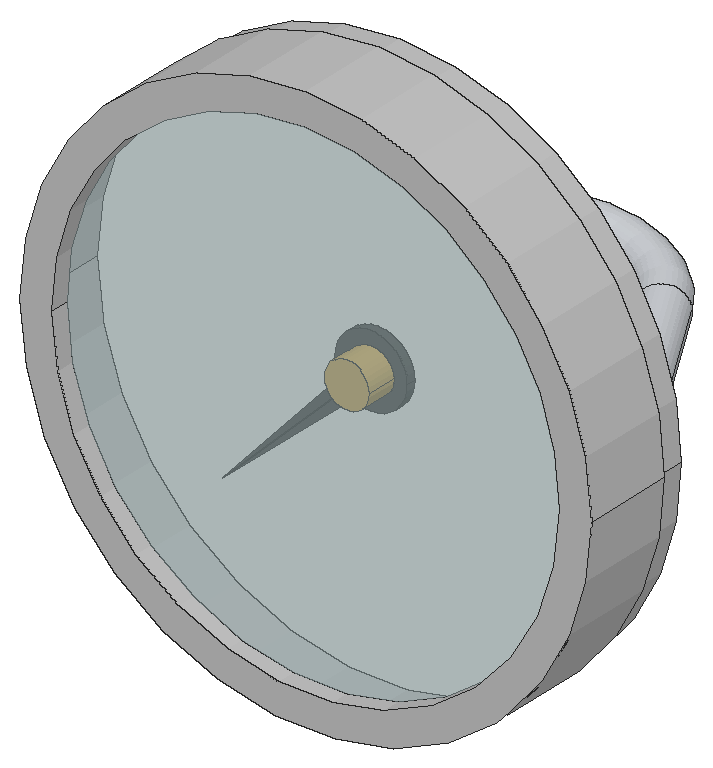
Revit family "РОСМА_ТермометрБиметаллическийСпец(Пружина)", category Арматура трубопроводов, Revit 2018
Family settings
  Размер круглого соединителя = Использовать диаметр
  Тип детали = Клапан - Вставляется
  На основе рабочей плоскости = Нет
  Всегда вертикально = Да
  При загрузке вырезать с полостями = Нет
  Общий = Нет
Parameters (values of type "30.010")
  лого_задн_стенка = no
  Техническая документация = "ТУ 4211-001-4719015564-2008"  # constant formula
  Температура04 = ‎ : 0...+150°С
  Температура03 = ‎ : 0...+120°С
  Температура02 = ‎ : 0...+100°С
  Температура01 = ‎ : 0...+60°С
  Счетчик списка [instance] = if(Диапазон температур = Температура01, 1, if(Диапазон температур = Температура02, 2, if(Диапазон температур = Температура03, 3, if(Диапазон температур = Температура04, 4, 5))))  # 4
  Присоединение = "Стальная спиральная пружина для крепления на трубе диаметром от 20 до 50 мм"
  Климатическое исполнение = "Группа С2 по ГОСТ Р 52931; климатическое исполнение УХЛ категории 2.1 по ГОСТ 15150"  # constant formula
  Диапазон температур [instance] = ‎ : 0...+150°С
  Диапазон раб. температур = "от 0°С до +60°С"  # constant formula
  Осевое присоединение = yes
  Description = "Тип БТ, серия 010. Термометр биметаллический накладной (термометр с пружиной) предназначен для измерения температуры поверхности трубы. "  # constant formula
  Код IP = "IP43"  # constant formula
  Класс точности = "2,5"  # constant formula
  Изготовитель = "ЗАО \"РОСМА\""
  Table2 = "спец_общетехнический специальный с пружиной"  # constant formula
  Table1 = "размеры_общетехнический специальный с пружиной"  # constant formula
  Dполости_переднСт = D2 - 6 mm  # 56 mm
  Длина стрелки = D2 / 2 - 10 mm  # 21 mm
  Группа модели = "Оборудование"
  e = 10 mm
  b-e = b - e  # 3 mm
  b = 13 mm
  URL = "https://rosma.spb.ru/termometers/seriya_010_obschetehnicheskie_spetsialnye_s_pruzhinoj/"
  R_Logo = 10 mm
  R2 шкала = 17 mm
  R1 шкала = 18 mm
  Dtr/2 [instance] = Dtr / 2  # 12.5 mm
  Dtr [instance] = size_lookup(Table1, "Dtr", 25 mm, DN)  # 25 mm
  DN [instance] = 50 mm
  D2 = 62 mm
  D1 = 63 mm
  D = 63 mm
  Copyright = "EPICON"  # constant formula
  Author (e-mail) = "project@epicon.biz"  # constant formula
  ADSK_Примечание [instance] = ""
  ADSK_Позиция [instance] = ""
  ADSK_Наименование [instance] = size_lookup(Table2, "ADSK_Наименование", "Нет в наличии", Счетчик списка)  # "Термометр БТ-30.010"
  ADSK_Масса_Текст [instance] = size_lookup(Table2, "ADSK_Масса_Текст", "Нет в наличии", Счетчик списка)  # "0,1"
  ADSK_Марка [instance] = size_lookup(Table2, "ADSK_Марка", "Нет в наличии", Счетчик списка)  # "БТ-30.010(0-150С) 2,5"
  ADSK_Количество = 1  # constant formula
  ADSK_Код изделия [instance] = " "
  ADSK_Завод-изготовитель [instance] = size_lookup(Table2, "ADSK_Завод-изготовитель", "Нет в наличии", Счетчик списка)  # "ЗАО \"РОСМА\""
  ADSK_Единица измерения = "шт."
Reference planes
  plane 1 "По центру (Вперед/Назад)": y = 0
  plane 2: z = 0
  plane 3 "По центру (Влево/Вправо)": x = 0
  plane 4: z = 59.422
  plane 5: y = -12.5
  plane 6: x = -22
  plane 7: x = 22
Forms (mm)
  Sweep 1, solid, detail levels fine
    path origin (-21.391, -1524, 0) x (-1, 0, 0) y (0, -1, 0)
      loop
        line (0.609, -1511.5) -> (-10.653, -1530.399)
        arc (-10.653, -1530.399) -> (-21.391, -1536.5) -> (-32.129, -1530.399) r 12.5
        line (-32.129, -1530.399) -> (-43.391, -1511.5)
    profile origin (-16.369, -3.051, 0) x (-0.859039, 0.511909, 0) y (0, 0, 1)
      loop
        circle (2.5, 0) r 2.5
Dimensions and locks
  "Dtr/2": plane 5 to plane 1 "По центру (Вперед/Назад)"
  equal spacing: plane 6, plane 3 "По центру (Влево/Вправо)", plane 7
  plane 3 "По центру (Влево/Вправо)" to plane 7 = 22 mm
  "Dtr/2": radius of Sweep 1 sketch curve
  aligned and locked: level to plane 2
  aligned and locked: nested 1 to plane 5
  aligned and locked: plane 2 to nested 1
  aligned and locked: plane 3 "По центру (Влево/Вправо)" to nested 1
  aligned and locked: plane 2 to nested 2
  aligned and locked: plane 3 "По центру (Влево/Вправо)" to nested 2
  aligned and locked: plane 5 to nested 2
Automatic sketch dimensions
  profile plane to Sweep 1 sketch curve = 0 mm
  Sweep 1 sketch curve to profile plane = 2.5 mm
  plane 5 to Sweep 1 sketch curve = 0 mm  (x2)
  Sweep 1 sketch curve to plane 7 = 0 mm
  plane 1 "По центру (Вперед/Назад)" to Sweep 1 sketch curve = 0 mm
  Sweep 1 sketch curve to plane 3 "По центру (Влево/Вправо)" = 0 mm
  Sweep 1 sketch curve to plane 6 = 0 mm
  radius of Sweep 1 sketch curve = 2.5 mm
Nested families
  nested 1: "Корпус термометра_БиметаллическСпец(Пружина)" at (0, -14, 0), visible <- "Осевое присоединение", D1 <- "D1", D2 <- "D2", R2_шкала <- "R2 шкала", R1_шкала <- "R1 шкала", Длина стрелки <- "Длина стрелки", Диаметр полости <- "D2", R_лого <- "R_Logo", e <- "e", b-е <- "b-e", лого_задн_стенка <- "лого_задн_стенка", Dполости_переднСт <- "Dполости_переднСт", type "ТМ", detail levels fine
    with лого_задн_стенка no, Угол раскрытия 0.00°, Длина стрелки 21 mm, Диаметр полости 62 mm, e 10 mm, b-е 3 mm, R_лого 10 mm, R2_шкала 17 mm, R1_шкала 18 mm, N2_шкала 0, N1_шкала 0, Dполости_переднСт 56 mm, D2 62 mm, D1 63 mm
  nested 2: "DAA_УГО_ТермометрПоказывающий_ГОСТ21.208-2013" at (0, -12.5, 0), type "DAA_УГО_ТермометрПоказывающий_ГОСТ21.208-2013", detail levels coarse+medium
Connectors
  piping at (0, 0, 0), diameter 50, driven by "DN"
    settings: index 1, connector inside diameter 609.6 mm, connector length 0 mm, flow factor 0, pipe flow 0.0 L/s, pressure drop 0 MPa, fitting loss kfactor 0, connector angle 0.00°, fixture units 0, engagement length 0 mm, angle of deflection 0.00°, flow configuration 0, flow direction 0, fitting loss method 0, system type 28, joint type 0, gender type 0, connector reference index -1, connector utility 0, adjustable connector no, is connector primary yes, connector description ""
Definition of nested family "Корпус термометра_БиметаллическСпец(Пружина)"
  Parameters (values of type "ТМ")
    лого_задн_стенка [instance] = yes
    блокировка = 16.236 mm
    блок = 0 mm
    Угол раскрытия [instance] = 0.00°
    Description = ""
    Материал корпуса [instance] = none
    Manufacturer = ""
    Длина стрелки [instance] = 30.558 mm
    Диаметр полости [instance] = 98 mm
    Model = "Оборудование"
    e [instance] = 13.8 mm
    b-е [instance] = 31.2 mm
    URL = ""
    R_лого [instance] = 21.217 mm
    N2_шкала [instance] = 0
    N1_шкала [instance] = 0
    Dполости_переднСт [instance] = 70 mm
    D2 [instance] = 98 mm
    D1 [instance] = 100 mm
    Copyright = "ЭПИКОН"  # constant formula
    Author (e-mail) = "https://epicon.biz"  # constant formula
    R2_шкала [instance] = 80 mm
    R1_шкала [instance] = 60 mm
  Reference planes
    plane 1 "По центру (Вперед/Назад)": y = 0
    plane 2: z = 0
    plane 3 "По центру (Влево/Вправо)": x = 0
    plane 4 "задняя стенка": y = 15.6
    plane 5 "f2": y = -29.4
    plane 6 "f1": y = -15.6
    plane 7 "стекло": y = -27.4
    plane 8 "Табло": y = -16.6
    plane 9 "sr": x = 11
    plane 10 "sl": x = -11
    plane 11 "sb": y = 11
    plane 12 "sf": y = -11
    plane 13: z = -49
    plane 14: through (-2.116, -1524, -0.789) normal (0.7071, 0, 0.7071)
    plane 15: through (0, -1524, 0) normal (0.7071, 0, -0.7071)
    plane 16: through (0, -1524, 0) normal (0.7071, 0, -0.7071)
    plane 17: through (-25.815, -1524, -20.305) normal (0.7071, 0, 0.7071)
    plane 18: y = 15.6
    plane 19 "толщина стрелки": y = -16.6
  Forms (mm)
    Extrusion 1, void
      sketch origin (-603.868, 0, -179.968) x (1, 0, 0) y (0, 0, 1)
        loop
          circle (603.868, 179.968) r 49
      from 15.6 to 27.4
    Extrusion 2, solid, detail levels fine
      sketch origin (-355.068, -27.4, -174.854) x (-1, 0, 0) y (0, 0, 1)
        loop
          circle (-355.068, 174.854) r 49
      from 0 to 2
    Extrusion 3, solid, material <- "Материал корпуса", detail levels fine
      sketch origin (-402.089, 0, -169.881) x (1, 0, 0) y (0, 0, 1)
        loop
          circle (402.089, 169.881) r 50
      from 15.6 to 29.4
    Extrusion 4, solid, material <- "Материал корпуса", detail levels fine
      sketch origin (-312.609, 0, -285.527) x (1, 0, 0) y (0, 0, 1)
        loop
          circle (312.609, 285.527) r 49
      from -15.6 to 15.6
    Extrusion 5, solid, detail levels fine
      sketch origin (-55.684, -16.6, 0) x (-1, 0, 0) y (0, 0, 1)
        loop
          circle (-55.678, -0.021) r 4
      from 0 to 1
    Extrusion 6, solid
      sketch origin (0, -16.6, 0) x (-1, 0, 0) y (0, 0, 1)
        loop
          line (23.06, -23.06) -> (2.291, -0.614) -> (1.452, -1.452) -> (23.06, -23.06)
      from 0 to 1
    Extrusion 7, solid
      sketch origin (0, -16.6, 0) x (0, 0, -1) y (-1, 0, 0)
        loop
          line (23.06, 23.06) -> (1.452, 1.452) -> (2.291, 0.614) -> (23.06, 23.06)
      from 0 to 1
    Extrusion 8, void
      sketch origin (0, -16.6, 0) x (-1, 0, 0) y (0, 0, 1)
        loop
          circle (0, 0) r 35
      from -12.8 to -10.8
    Extrusion 9, solid
      sketch origin (-55.684, -16.6, 0) x (1, 0, 0) y (0, 0, 1)
        loop
          circle (55.684, 0) r 2.482
      from -1 to 3.288
  Cuts and joins
    Extrusion 1, Extrusion 8 cuts Extrusion 3
  Lines and regions (mm)
    model lines, visible <- "лого_задн_стенка", not visible
      curve 1: line (97.62, 15.6, 6.514) -> (97.62, 15.6, 2.045)
      curve 2: line (97.62, 15.6, 2.045) -> (96.54, 15.6, 2.045)
      curve 3: line (96.54, 15.6, 2.045) -> (96.54, 15.6, 3.335)
      curve 4: line (96.54, 15.6, 3.335) -> (95.49, 15.6, 3.335)
      curve 5: line (95.712, 15.6, 6.514) -> (97.62, 15.6, 6.514)
      curve 6: arc (95.712, 15.6, 6.514) -> (94.35, 15.6, 5.012) -> (95.49, 15.6, 3.335) r 1.639
      curve 7: line (95.834, 15.6, 5.755) -> (96.697, 15.6, 5.755)
      curve 8: line (96.697, 15.6, 5.755) -> (96.697, 15.6, 4.198)
      curve 9: line (96.697, 15.6, 4.198) -> (95.834, 15.6, 4.198)
      curve 10: arc (95.834, 15.6, 5.755) -> (95.056, 15.6, 4.977) -> (95.834, 15.6, 4.198) r 0.779
      curve 11: circle (91.712, 15.6, 4.198) r 2.25 normal (0, -1, 0)
      curve 12: circle (91.712, 15.6, 4.198) r 1.301 normal (0, -1, 0)
      curve 13: arc (85.593, 15.6, 5.171) -> (87.99, 15.6, 4.265) -> (85.603, 15.6, 3.335) r 1.372
      curve 14: arc (84.964, 15.6, 2.754) -> (88.939, 15.6, 4.277) -> (84.964, 15.6, 5.801) r 2.28
      curve 15: line (84.964, 15.6, 5.801) -> (85.593, 15.6, 5.171)
      curve 16: line (85.603, 15.6, 3.335) -> (84.964, 15.6, 2.754)
      curve 17: line (84.167, 15.6, 2.029) -> (84.167, 15.6, 6.597)
      curve 18: line (84.167, 15.6, 6.597) -> (83.045, 15.6, 6.597)
      curve 19: line (83.045, 15.6, 6.597) -> (81.77, 15.6, 3.983)
      curve 20: line (81.77, 15.6, 3.983) -> (80.438, 15.6, 6.597)
      curve 21: line (80.438, 15.6, 6.597) -> (79.394, 15.6, 6.597)
      curve 22: line (79.394, 15.6, 6.597) -> (79.394, 15.6, 2.029)
      curve 23: line (79.394, 15.6, 2.029) -> (80.365, 15.6, 2.029)
      curve 24: line (80.365, 15.6, 2.029) -> (80.365, 15.6, 4.099)
      curve 25: line (80.365, 15.6, 4.099) -> (81.305, 15.6, 2.595)
      curve 26: line (81.305, 15.6, 2.595) -> (82.194, 15.6, 2.595)
      curve 27: line (82.194, 15.6, 2.595) -> (83.119, 15.6, 4.134)
      curve 28: line (83.119, 15.6, 4.134) -> (83.119, 15.6, 2.029)
      curve 29: line (83.119, 15.6, 2.029) -> (84.167, 15.6, 2.029)
      curve 30: line (78.906, 15.6, 2.029) -> (77.704, 15.6, 6.517)
      curve 31: line (77.704, 15.6, 6.517) -> (76.253, 15.6, 6.517)
      curve 32: line (76.253, 15.6, 6.517) -> (75.05, 15.6, 2.029)
      curve 33: line (75.05, 15.6, 2.029) -> (76.023, 15.6, 2.029)
      curve 34: line (76.023, 15.6, 2.029) -> (76.374, 15.6, 3.173)
      curve 35: line (76.374, 15.6, 3.173) -> (77.569, 15.6, 3.173)
      curve 36: line (77.569, 15.6, 3.173) -> (77.92, 15.6, 2.029)
      curve 37: line (77.92, 15.6, 2.029) -> (78.906, 15.6, 2.029)
      curve 38: line (77.47, 15.6, 4.202) -> (76.506, 15.6, 4.202)
      curve 39: line (76.506, 15.6, 4.202) -> (76.95, 15.6, 5.65)
      curve 40: line (76.95, 15.6, 5.65) -> (77.47, 15.6, 4.202)
      curve 41: arc (87.126, 15.6, 18.346) -> (89.931, 15.6, 13.899) -> (85.119, 15.6, 11.78) r 3.471
      curve 42: arc (87.164, 15.6, 20.585) -> (92.034, 15.6, 12.938) -> (83.388, 15.6, 10.21) r 5.715
      curve 43: line (83.388, 15.6, 10.21) -> (85.119, 15.6, 11.78)
      curve 44: line (87.126, 15.6, 18.346) -> (87.126, 15.6, 17.124)
      curve 45: line (87.126, 15.6, 17.124) -> (84.252, 15.6, 19.536)
      curve 46: line (84.252, 15.6, 19.536) -> (87.126, 15.6, 21.948)
      curve 47: line (87.126, 15.6, 21.948) -> (87.164, 15.6, 20.585)
      curve 48: arc (83.468, 15.6, 20.663) -> (79.577, 15.6, 17.734) -> (82.187, 15.6, 13.622) r 3.59
      curve 49: arc (82.763, 15.6, 18.317) -> (81.865, 15.6, 17.051) -> (82.819, 15.6, 15.827) r 1.3
      curve 50: line (83.468, 15.6, 20.663) -> (82.175, 15.6, 19.499)
      curve 51: line (82.175, 15.6, 19.499) -> (83.518, 15.6, 18.332)
      curve 52: line (83.518, 15.6, 18.332) -> (82.763, 15.6, 18.317)
      curve 53: line (82.819, 15.6, 15.827) -> (86.12, 15.6, 15.827)
      curve 54: line (86.12, 15.6, 15.827) -> (86.917, 15.6, 15.03)
      curve 55: line (86.917, 15.6, 15.03) -> (81.209, 15.6, 9.322)
      curve 56: line (81.209, 15.6, 9.322) -> (79.962, 15.6, 11.397)
      curve 57: line (79.962, 15.6, 11.397) -> (82.187, 15.6, 13.622)
    model lines, detail levels fine
      curve 58: line (60.033, -15.6, -60.174) -> (58.238, -15.6, -58.379)
      curve 59: line (-60.174, -15.6, -60.033) -> (-58.379, -15.6, -58.238)
      curve 60: line (63.15, -15.6, -56.894) -> (61.262, -15.6, -55.197)
      curve 61: line (66.088, -15.6, -53.453) -> (64.113, -15.6, -51.858)
      curve 62: line (68.885, -15.6, -49.797) -> (66.826, -15.6, -48.312)
      curve 63: line (71.452, -15.6, -46.038) -> (69.316, -15.6, -44.666)
      curve 64: line (73.813, -15.6, -42.148) -> (71.607, -15.6, -40.892)
      curve 65: line (75.963, -15.6, -38.137) -> (73.693, -15.6, -37)
      curve 66: line (77.896, -15.6, -34.016) -> (75.568, -15.6, -33.003)
      curve 67: line (79.605, -15.6, -29.798) -> (77.226, -15.6, -28.911)
      curve 68: line (81.086, -15.6, -25.494) -> (78.663, -15.6, -24.736)
      curve 69: line (82.334, -15.6, -21.118) -> (79.874, -15.6, -20.49)
      curve 70: line (83.346, -15.6, -16.681) -> (80.857, -15.6, -16.185)
      curve 71: line (84.12, -15.6, -12.196) -> (81.607, -15.6, -11.835)
      curve 72: line (84.652, -15.6, -7.676) -> (82.123, -15.6, -7.45)
      curve 73: line (84.941, -15.6, -3.134) -> (82.404, -15.6, -3.043)
      curve 74: line (84.987, -15.6, 1.417) -> (82.449, -15.6, 1.372)
      curve 75: line (84.79, -15.6, 5.964) -> (82.258, -15.6, 5.783)
      curve 76: line (84.349, -15.6, 10.494) -> (81.83, -15.6, 10.177)
      curve 77: line (83.666, -15.6, 14.993) -> (81.168, -15.6, 14.543)
      curve 78: line (82.744, -15.6, 19.45) -> (80.273, -15.6, 18.866)
      curve 79: line (81.584, -15.6, 23.851) -> (79.149, -15.6, 23.136)
      curve 80: line (80.191, -15.6, 28.183) -> (77.797, -15.6, 27.339)
      curve 81: line (78.567, -15.6, 32.435) -> (76.222, -15.6, 31.464)
      curve 82: line (76.718, -15.6, 36.594) -> (74.429, -15.6, 35.498)
      curve 83: line (74.65, -15.6, 40.648) -> (72.422, -15.6, 39.431)
      curve 84: line (72.367, -15.6, 44.585) -> (70.208, -15.6, 43.251)
      curve 85: line (69.877, -15.6, 48.395) -> (67.792, -15.6, 46.947)
      curve 86: line (67.187, -15.6, 52.065) -> (65.182, -15.6, 50.508)
      curve 87: line (64.304, -15.6, 55.587) -> (62.385, -15.6, 53.924)
      curve 88: line (61.236, -15.6, 58.949) -> (59.409, -15.6, 57.186)
      curve 89: line (57.993, -15.6, 62.142) -> (56.263, -15.6, 60.284)
      curve 90: line (54.584, -15.6, 65.157) -> (52.956, -15.6, 63.209)
      curve 91: line (51.018, -15.6, 67.985) -> (49.497, -15.6, 65.953)
      curve 92: line (47.306, -15.6, 70.618) -> (45.896, -15.6, 68.508)
      curve 93: line (43.459, -15.6, 73.049) -> (42.163, -15.6, 70.866)
      curve 94: line (39.486, -15.6, 75.271) -> (38.31, -15.6, 73.021)
      curve 95: line (35.401, -15.6, 77.276) -> (34.346, -15.6, 74.967)
      curve 96: line (31.214, -15.6, 79.06) -> (30.285, -15.6, 76.698)
      curve 97: line (26.938, -15.6, 80.618) -> (26.136, -15.6, 78.209)
      curve 98: line (22.584, -15.6, 81.944) -> (21.912, -15.6, 79.496)
      curve 99: line (18.166, -15.6, 83.035) -> (17.626, -15.6, 80.555)
      curve 100: line (13.695, -15.6, 83.888) -> (13.289, -15.6, 81.383)
      curve 101: line (9.186, -15.6, 84.501) -> (8.914, -15.6, 81.977)
      curve 102: line (4.65, -15.6, 84.872) -> (4.514, -15.6, 82.337)
      curve 103: line (0.1, -15.6, 84.999) -> (0.1, -15.6, 82.461)
      curve 104: line (-4.449, -15.6, 84.883) -> (-4.314, -15.6, 82.348)
      curve 105: line (-8.986, -15.6, 84.523) -> (-8.715, -15.6, 81.999)
      curve 106: line (-13.498, -15.6, 83.921) -> (-13.091, -15.6, 81.415)
      curve 107: line (-17.97, -15.6, 83.078) -> (-17.43, -15.6, 80.597)
      curve 108: line (-22.391, -15.6, 81.997) -> (-21.719, -15.6, 79.549)
      curve 109: line (-26.748, -15.6, 80.681) -> (-25.946, -15.6, 78.272)
      curve 110: line (-31.028, -15.6, 79.134) -> (-30.098, -15.6, 76.771)
      curve 111: line (-35.219, -15.6, 77.359) -> (-34.164, -15.6, 75.05)
      curve 112: line (-39.309, -15.6, 75.363) -> (-38.132, -15.6, 73.114)
      curve 113: line (-43.286, -15.6, 73.151) -> (-41.991, -15.6, 70.968)
      curve 114: line (-47.14, -15.6, 70.73) -> (-45.729, -15.6, 68.619)
      curve 115: line (-50.858, -15.6, 68.105) -> (-49.337, -15.6, 66.073)
      curve 116: line (-54.43, -15.6, 65.285) -> (-52.802, -15.6, 63.338)
      curve 117: line (-57.847, -15.6, 62.279) -> (-56.117, -15.6, 60.421)
      curve 118: line (-61.097, -15.6, 59.093) -> (-59.27, -15.6, 57.33)
      curve 119: line (-64.172, -15.6, 55.738) -> (-62.254, -15.6, 54.076)
      curve 120: line (-67.064, -15.6, 52.224) -> (-65.059, -15.6, 50.666)
      curve 121: line (-69.763, -15.6, 48.559) -> (-67.678, -15.6, 47.111)
      curve 122: line (-72.262, -15.6, 44.756) -> (-70.102, -15.6, 43.421)
      curve 123: line (-74.554, -15.6, 40.824) -> (-72.326, -15.6, 39.607)
      curve 124: line (-76.632, -15.6, 36.775) -> (-74.342, -15.6, 35.679)
      curve 125: line (-78.491, -15.6, 32.62) -> (-76.145, -15.6, 31.649)
      curve 126: line (-80.124, -15.6, 28.372) -> (-77.73, -15.6, 27.528)
      curve 127: line (-81.528, -15.6, 24.043) -> (-79.092, -15.6, 23.328)
      curve 128: line (-82.698, -15.6, 19.645) -> (-80.227, -15.6, 19.061)
      curve 129: line (-83.631, -15.6, 15.19) -> (-81.133, -15.6, 14.74)
      curve 130: line (-84.324, -15.6, 10.692) -> (-81.805, -15.6, 10.376)
      curve 131: line (-84.775, -15.6, 6.164) -> (-82.243, -15.6, 5.983)
      curve 132: line (-84.984, -15.6, 1.617) -> (-82.446, -15.6, 1.572)
      curve 133: line (-84.948, -15.6, -2.934) -> (-82.412, -15.6, -2.843)
      curve 134: line (-84.67, -15.6, -7.476) -> (-82.141, -15.6, -7.25)
      curve 135: line (-84.148, -15.6, -11.997) -> (-81.635, -15.6, -11.636)
      curve 136: line (-83.385, -15.6, -16.484) -> (-80.896, -15.6, -15.989)
      curve 137: line (-82.383, -15.6, -20.924) -> (-79.924, -15.6, -20.296)
      curve 138: line (-81.145, -15.6, -25.303) -> (-78.723, -15.6, -24.545)
      curve 139: line (-79.675, -15.6, -29.61) -> (-77.296, -15.6, -28.723)
      curve 140: line (-77.976, -15.6, -33.832) -> (-75.648, -15.6, -32.819)
      curve 141: line (-76.053, -15.6, -37.957) -> (-73.783, -15.6, -36.821)
      curve 142: line (-73.912, -15.6, -41.974) -> (-71.707, -15.6, -40.718)
      curve 143: line (-71.56, -15.6, -45.87) -> (-69.424, -15.6, -44.497)
      curve 144: line (-69.002, -15.6, -49.634) -> (-66.943, -15.6, -48.149)
      curve 145: line (-66.247, -15.6, -53.256) -> (-64.27, -15.6, -51.663)
      curve 146: line (-63.301, -15.6, -56.726) -> (-61.413, -15.6, -55.029)
      curve 147: line (43.52, -15.6, -43.52) -> (41.332, -15.6, -41.332)
      curve 148: line (-43.52, -15.6, -43.52) -> (-41.332, -15.6, -41.332)
      curve 149: line (60.365, -15.6, -12.007) -> (57.33, -15.6, -11.404)
      curve 150: line (56.862, -15.6, 23.553) -> (54.003, -15.6, 22.369)
      curve 151: line (34.194, -15.6, 51.175) -> (32.475, -15.6, 48.602)
      curve 152: line (0, -15.6, 61.547) -> (0, -15.6, 58.453)
      curve 153: line (-34.194, -15.6, 51.175) -> (-32.475, -15.6, 48.602)
      curve 154: line (-56.862, -15.6, 23.553) -> (-54.003, -15.6, 22.369)
      curve 155: line (-60.365, -15.6, -12.007) -> (-57.33, -15.6, -11.404)
    model lines, not visible, detail levels fine
      curve 156: line (248.297, -16.6, -114.05) -> (246.109, -16.6, -111.861)
      curve 157: line (264.809, -16.6, -130.703) -> (263.014, -16.6, -128.908)
      curve 217: line (60.033, -16.6, -60.174) -> (58.238, -16.6, -58.379)
      curve 218: line (-60.174, -16.6, -60.033) -> (-58.379, -16.6, -58.238)
      curve 219: line (63.15, -16.6, -56.894) -> (61.262, -16.6, -55.197)
      curve 220: line (66.088, -16.6, -53.453) -> (64.113, -16.6, -51.858)
      curve 221: line (68.885, -16.6, -49.797) -> (66.826, -16.6, -48.312)
      curve 222: line (71.452, -16.6, -46.038) -> (69.316, -16.6, -44.666)
      curve 223: line (73.813, -16.6, -42.148) -> (71.607, -16.6, -40.892)
      curve 224: line (75.963, -16.6, -38.137) -> (73.693, -16.6, -37)
      curve 225: line (77.896, -16.6, -34.016) -> (75.568, -16.6, -33.003)
      curve 226: line (79.605, -16.6, -29.798) -> (77.226, -16.6, -28.911)
      curve 227: line (81.086, -16.6, -25.494) -> (78.663, -16.6, -24.736)
      curve 228: line (82.334, -16.6, -21.118) -> (79.874, -16.6, -20.49)
      curve 229: line (83.346, -16.6, -16.681) -> (80.857, -16.6, -16.185)
      curve 230: line (84.12, -16.6, -12.196) -> (81.607, -16.6, -11.835)
      curve 231: line (84.652, -16.6, -7.676) -> (82.123, -16.6, -7.45)
      curve 232: line (84.941, -16.6, -3.134) -> (82.404, -16.6, -3.043)
      curve 233: line (84.987, -16.6, 1.417) -> (82.449, -16.6, 1.372)
      curve 234: line (84.79, -16.6, 5.964) -> (82.258, -16.6, 5.783)
      curve 235: line (84.349, -16.6, 10.494) -> (81.83, -16.6, 10.177)
      curve 236: line (83.666, -16.6, 14.993) -> (81.168, -16.6, 14.543)
      curve 237: line (82.744, -16.6, 19.45) -> (80.273, -16.6, 18.866)
      curve 238: line (81.584, -16.6, 23.851) -> (79.149, -16.6, 23.136)
      curve 239: line (80.191, -16.6, 28.183) -> (77.797, -16.6, 27.339)
      curve 240: line (78.567, -16.6, 32.435) -> (76.222, -16.6, 31.464)
      curve 241: line (76.718, -16.6, 36.594) -> (74.429, -16.6, 35.498)
      curve 242: line (74.65, -16.6, 40.648) -> (72.422, -16.6, 39.431)
      curve 243: line (72.367, -16.6, 44.585) -> (70.208, -16.6, 43.251)
      curve 244: line (69.877, -16.6, 48.395) -> (67.792, -16.6, 46.947)
      curve 245: line (67.187, -16.6, 52.065) -> (65.182, -16.6, 50.508)
      curve 246: line (64.304, -16.6, 55.587) -> (62.385, -16.6, 53.924)
      curve 247: line (61.236, -16.6, 58.949) -> (59.409, -16.6, 57.186)
      curve 248: line (57.993, -16.6, 62.142) -> (56.263, -16.6, 60.284)
      curve 249: line (54.584, -16.6, 65.157) -> (52.956, -16.6, 63.209)
      curve 250: line (51.018, -16.6, 67.985) -> (49.497, -16.6, 65.953)
      curve 251: line (47.306, -16.6, 70.618) -> (45.896, -16.6, 68.508)
      curve 252: line (43.459, -16.6, 73.049) -> (42.163, -16.6, 70.866)
      curve 253: line (39.486, -16.6, 75.271) -> (38.31, -16.6, 73.021)
      curve 254: line (35.401, -16.6, 77.276) -> (34.346, -16.6, 74.967)
      curve 255: line (31.214, -16.6, 79.06) -> (30.285, -16.6, 76.698)
      curve 256: line (26.938, -16.6, 80.618) -> (26.136, -16.6, 78.209)
      curve 257: line (22.584, -16.6, 81.944) -> (21.912, -16.6, 79.496)
      curve 258: line (18.166, -16.6, 83.035) -> (17.626, -16.6, 80.555)
      curve 259: line (13.695, -16.6, 83.888) -> (13.289, -16.6, 81.383)
      curve 260: line (9.186, -16.6, 84.501) -> (8.914, -16.6, 81.977)
      curve 261: line (4.65, -16.6, 84.872) -> (4.514, -16.6, 82.337)
      curve 262: line (0.1, -16.6, 84.999) -> (0.1, -16.6, 82.461)
      curve 263: line (-4.449, -16.6, 84.883) -> (-4.314, -16.6, 82.348)
      curve 264: line (-8.986, -16.6, 84.523) -> (-8.715, -16.6, 81.999)
      curve 265: line (-13.498, -16.6, 83.921) -> (-13.091, -16.6, 81.415)
      curve 266: line (-17.97, -16.6, 83.078) -> (-17.43, -16.6, 80.597)
      curve 267: line (-22.391, -16.6, 81.997) -> (-21.719, -16.6, 79.549)
      curve 268: line (-26.748, -16.6, 80.681) -> (-25.946, -16.6, 78.272)
      curve 269: line (-31.028, -16.6, 79.134) -> (-30.098, -16.6, 76.771)
      curve 270: line (-35.219, -16.6, 77.359) -> (-34.164, -16.6, 75.05)
      curve 271: line (-39.309, -16.6, 75.363) -> (-38.132, -16.6, 73.114)
      curve 272: line (-43.286, -16.6, 73.151) -> (-41.991, -16.6, 70.968)
      curve 273: line (-47.14, -16.6, 70.73) -> (-45.729, -16.6, 68.619)
      curve 274: line (-50.858, -16.6, 68.105) -> (-49.337, -16.6, 66.073)
      curve 275: line (-54.43, -16.6, 65.285) -> (-52.802, -16.6, 63.338)
      curve 276: line (-57.847, -16.6, 62.279) -> (-56.117, -16.6, 60.421)
      curve 277: line (-61.097, -16.6, 59.093) -> (-59.27, -16.6, 57.33)
      curve 278: line (-64.172, -16.6, 55.738) -> (-62.254, -16.6, 54.076)
      curve 279: line (-67.064, -16.6, 52.224) -> (-65.059, -16.6, 50.666)
      curve 280: line (-69.763, -16.6, 48.559) -> (-67.678, -16.6, 47.111)
      curve 281: line (-72.262, -16.6, 44.756) -> (-70.102, -16.6, 43.421)
      curve 282: line (-74.554, -16.6, 40.824) -> (-72.326, -16.6, 39.607)
      curve 283: line (-76.632, -16.6, 36.775) -> (-74.342, -16.6, 35.679)
      curve 284: line (-78.491, -16.6, 32.62) -> (-76.145, -16.6, 31.649)
      curve 285: line (-80.124, -16.6, 28.372) -> (-77.73, -16.6, 27.528)
      curve 286: line (-81.528, -16.6, 24.043) -> (-79.092, -16.6, 23.328)
      curve 287: line (-82.698, -16.6, 19.645) -> (-80.227, -16.6, 19.061)
      curve 288: line (-83.631, -16.6, 15.19) -> (-81.133, -16.6, 14.74)
      curve 289: line (-84.324, -16.6, 10.692) -> (-81.805, -16.6, 10.376)
      curve 290: line (-84.775, -16.6, 6.164) -> (-82.243, -16.6, 5.983)
      curve 291: line (-84.984, -16.6, 1.617) -> (-82.446, -16.6, 1.572)
      curve 292: line (-84.948, -16.6, -2.934) -> (-82.412, -16.6, -2.843)
      curve 293: line (-84.67, -16.6, -7.476) -> (-82.141, -16.6, -7.25)
      curve 294: line (-84.148, -16.6, -11.997) -> (-81.635, -16.6, -11.636)
      curve 295: line (-83.385, -16.6, -16.484) -> (-80.896, -16.6, -15.989)
      curve 296: line (-82.383, -16.6, -20.924) -> (-79.924, -16.6, -20.296)
      curve 297: line (-81.145, -16.6, -25.303) -> (-78.723, -16.6, -24.545)
      curve 298: line (-79.675, -16.6, -29.61) -> (-77.296, -16.6, -28.723)
      curve 299: line (-77.976, -16.6, -33.832) -> (-75.648, -16.6, -32.819)
      curve 300: line (-76.053, -16.6, -37.957) -> (-73.783, -16.6, -36.821)
      curve 301: line (-73.912, -16.6, -41.974) -> (-71.707, -16.6, -40.718)
      curve 302: line (-71.56, -16.6, -45.87) -> (-69.424, -16.6, -44.497)
      curve 303: line (-69.002, -16.6, -49.634) -> (-66.943, -16.6, -48.149)
      curve 304: line (-66.247, -16.6, -53.256) -> (-64.27, -16.6, -51.663)
      curve 305: line (-63.301, -16.6, -56.726) -> (-61.413, -16.6, -55.029)
      curve 306: line (43.52, -16.6, -43.52) -> (41.332, -16.6, -41.332)
      curve 307: line (-43.52, -16.6, -43.52) -> (-41.332, -16.6, -41.332)
      curve 308: line (60.365, -16.6, -12.007) -> (57.33, -16.6, -11.404)
      curve 309: line (56.862, -16.6, 23.553) -> (54.003, -16.6, 22.369)
      curve 310: line (34.194, -16.6, 51.175) -> (32.475, -16.6, 48.602)
      curve 311: line (0, -16.6, 61.547) -> (0, -16.6, 58.453)
      curve 312: line (-34.194, -16.6, 51.175) -> (-32.475, -16.6, 48.602)
      curve 313: line (-56.862, -16.6, 23.553) -> (-54.003, -16.6, 22.369)
      curve 314: line (-60.365, -16.6, -12.007) -> (-57.33, -16.6, -11.404)
    reference lines
      curve 158: line (-90.176, -16.6, 0) -> (118.621, -16.6, 0)
      curve 159: line (0, -16.6, 0) -> (-27.519, -16.6, -27.519)
      curve 315: line (-7.451, -15.6, 22) -> (6.301, -15.6, 22)
    model lines, visible <- "лого_задн_стенка"
      curve 160: line (10.608, 15.6, -16.198) -> (10.608, 15.6, -20.667)
      curve 161: line (10.608, 15.6, -20.667) -> (9.529, 15.6, -20.667)
      curve 162: line (9.529, 15.6, -20.667) -> (9.529, 15.6, -19.376)
      curve 163: line (9.529, 15.6, -19.376) -> (8.478, 15.6, -19.376)
      curve 164: line (8.7, 15.6, -16.198) -> (10.608, 15.6, -16.198)
      curve 165: arc (8.7, 15.6, -16.198) -> (7.338, 15.6, -17.7) -> (8.478, 15.6, -19.376) r 1.639
      curve 166: line (8.823, 15.6, -16.956) -> (9.685, 15.6, -16.956)
      curve 167: line (9.685, 15.6, -16.956) -> (9.685, 15.6, -18.514)
      curve 168: line (9.685, 15.6, -18.514) -> (8.823, 15.6, -18.514)
      curve 169: arc (8.823, 15.6, -16.956) -> (8.044, 15.6, -17.735) -> (8.823, 15.6, -18.514) r 0.779
      curve 170: circle (4.701, 15.6, -18.514) r 2.25 normal (0, -1, 0)
      curve 171: circle (4.701, 15.6, -18.514) r 1.301 normal (0, -1, 0)
      curve 172: arc (-1.418, 15.6, -17.541) -> (0.978, 15.6, -18.446) -> (-1.408, 15.6, -19.376) r 1.372
      curve 173: arc (-2.048, 15.6, -19.958) -> (1.928, 15.6, -18.434) -> (-2.048, 15.6, -16.911) r 2.28
      curve 174: line (-2.048, 15.6, -16.911) -> (-1.418, 15.6, -17.541)
      curve 175: line (-1.408, 15.6, -19.376) -> (-2.048, 15.6, -19.958)
      curve 176: line (-2.845, 15.6, -20.683) -> (-2.845, 15.6, -16.114)
      curve 177: line (-2.845, 15.6, -16.114) -> (-3.966, 15.6, -16.114)
      curve 178: line (-3.966, 15.6, -16.114) -> (-5.242, 15.6, -18.729)
      curve 179: line (-5.242, 15.6, -18.729) -> (-6.574, 15.6, -16.114)
      curve 180: line (-6.574, 15.6, -16.114) -> (-7.617, 15.6, -16.114)
      curve 181: line (-7.617, 15.6, -16.114) -> (-7.617, 15.6, -20.683)
      curve 182: line (-7.617, 15.6, -20.683) -> (-6.646, 15.6, -20.683)
      curve 183: line (-6.646, 15.6, -20.683) -> (-6.646, 15.6, -18.613)
      curve 184: line (-6.646, 15.6, -18.613) -> (-5.706, 15.6, -20.117)
      curve 185: line (-5.706, 15.6, -20.117) -> (-4.818, 15.6, -20.117)
      curve 186: line (-4.818, 15.6, -20.117) -> (-3.893, 15.6, -18.577)
      curve 187: line (-3.893, 15.6, -18.577) -> (-3.893, 15.6, -20.683)
      curve 188: line (-3.893, 15.6, -20.683) -> (-2.845, 15.6, -20.683)
      curve 189: line (-8.105, 15.6, -20.683) -> (-9.307, 15.6, -16.195)
      curve 190: line (-9.307, 15.6, -16.195) -> (-10.758, 15.6, -16.195)
      curve 191: line (-10.758, 15.6, -16.195) -> (-11.961, 15.6, -20.683)
      curve 192: line (-11.961, 15.6, -20.683) -> (-10.989, 15.6, -20.683)
      curve 193: line (-10.989, 15.6, -20.683) -> (-10.638, 15.6, -19.538)
      curve 194: line (-10.638, 15.6, -19.538) -> (-9.443, 15.6, -19.538)
      curve 195: line (-9.443, 15.6, -19.538) -> (-9.092, 15.6, -20.683)
      curve 196: line (-9.092, 15.6, -20.683) -> (-8.105, 15.6, -20.683)
      curve 197: line (-9.541, 15.6, -18.509) -> (-10.505, 15.6, -18.509)
      curve 198: line (-10.505, 15.6, -18.509) -> (-10.061, 15.6, -17.061)
      curve 199: line (-10.061, 15.6, -17.061) -> (-9.541, 15.6, -18.509)
      curve 200: arc (0.115, 15.6, -4.365) -> (2.92, 15.6, -8.813) -> (-1.893, 15.6, -10.931) r 3.471
      curve 201: arc (0.152, 15.6, -2.127) -> (5.022, 15.6, -9.774) -> (-3.624, 15.6, -12.502) r 5.715
      curve 202: line (-3.624, 15.6, -12.502) -> (-1.893, 15.6, -10.931)
      curve 203: line (0.115, 15.6, -4.365) -> (0.115, 15.6, -5.587)
      curve 204: line (0.115, 15.6, -5.587) -> (-2.76, 15.6, -3.175)
      curve 205: line (-2.76, 15.6, -3.175) -> (0.115, 15.6, -0.763)
      curve 206: line (0.115, 15.6, -0.763) -> (0.152, 15.6, -2.127)
      curve 207: arc (-3.543, 15.6, -2.048) -> (-7.434, 15.6, -4.977) -> (-4.825, 15.6, -9.089) r 3.59
      curve 208: arc (-4.249, 15.6, -4.394) -> (-5.147, 15.6, -5.66) -> (-4.193, 15.6, -6.884) r 1.3
      curve 209: line (-3.543, 15.6, -2.048) -> (-4.836, 15.6, -3.212)
      curve 210: line (-4.836, 15.6, -3.212) -> (-3.493, 15.6, -4.38)
      curve 211: line (-3.493, 15.6, -4.38) -> (-4.249, 15.6, -4.394)
      curve 212: line (-4.193, 15.6, -6.884) -> (-0.891, 15.6, -6.884)
      curve 213: line (-0.891, 15.6, -6.884) -> (-0.094, 15.6, -7.681)
      curve 214: line (-0.094, 15.6, -7.681) -> (-5.803, 15.6, -13.39)
      curve 215: line (-5.803, 15.6, -13.39) -> (-7.05, 15.6, -11.314)
      curve 216: line (-7.05, 15.6, -11.314) -> (-4.825, 15.6, -9.089)
    reference lines, not visible
      curve 316: line (-7.451, -16.6, 22) -> (6.301, -16.6, 22)
    model lines
      curve 317: line (-10.493, -15.6, -30.53) -> (-10.493, -15.6, -34.999)
      curve 318: line (-10.493, -15.6, -34.999) -> (-9.414, -15.6, -34.999)
      curve 319: line (-9.414, -15.6, -34.999) -> (-9.414, -15.6, -33.709)
      curve 320: line (-9.414, -15.6, -33.709) -> (-8.364, -15.6, -33.709)
      curve 321: line (-8.586, -15.6, -30.53) -> (-10.493, -15.6, -30.53)
      curve 322: arc (-8.586, -15.6, -30.53) -> (-7.224, -15.6, -32.032) -> (-8.364, -15.6, -33.709) r 1.639
      curve 323: line (-8.708, -15.6, -31.289) -> (-9.571, -15.6, -31.289)
      curve 324: line (-9.571, -15.6, -31.289) -> (-9.571, -15.6, -32.846)
      curve 325: line (-9.571, -15.6, -32.846) -> (-8.708, -15.6, -32.846)
      curve 326: arc (-8.708, -15.6, -31.289) -> (-7.929, -15.6, -32.067) -> (-8.708, -15.6, -32.846) r 0.779
      curve 327: circle (-4.586, -15.6, -32.846) r 2.25 normal (0, 1, 0)
      curve 328: circle (-4.586, -15.6, -32.846) r 1.301 normal (0, 1, 0)
      curve 329: arc (1.533, -15.6, -31.873) -> (-0.864, -15.6, -32.779) -> (1.523, -15.6, -33.709) r 1.372
      curve 330: arc (2.162, -15.6, -34.29) -> (-1.813, -15.6, -32.767) -> (2.162, -15.6, -31.243) r 2.28
      curve 331: line (2.162, -15.6, -31.243) -> (1.533, -15.6, -31.873)
      curve 332: line (1.523, -15.6, -33.709) -> (2.162, -15.6, -34.29)
      curve 333: line (2.959, -15.6, -35.015) -> (2.959, -15.6, -30.447)
      curve 334: line (2.959, -15.6, -30.447) -> (4.081, -15.6, -30.447)
      curve 335: line (4.081, -15.6, -30.447) -> (5.356, -15.6, -33.061)
      curve 336: line (5.356, -15.6, -33.061) -> (6.688, -15.6, -30.447)
      curve 337: line (6.688, -15.6, -30.447) -> (7.732, -15.6, -30.447)
      curve 338: line (7.732, -15.6, -30.447) -> (7.732, -15.6, -35.015)
      curve 339: line (7.732, -15.6, -35.015) -> (6.761, -15.6, -35.015)
      curve 340: line (6.761, -15.6, -35.015) -> (6.761, -15.6, -32.945)
      curve 341: line (6.761, -15.6, -32.945) -> (5.821, -15.6, -34.449)
      curve 342: line (5.821, -15.6, -34.449) -> (4.932, -15.6, -34.449)
      curve 343: line (4.932, -15.6, -34.449) -> (4.007, -15.6, -32.91)
      curve 344: line (4.007, -15.6, -32.91) -> (4.007, -15.6, -35.015)
      curve 345: line (4.007, -15.6, -35.015) -> (2.959, -15.6, -35.015)
      curve 346: line (8.22, -15.6, -35.015) -> (9.422, -15.6, -30.527)
      curve 347: line (9.422, -15.6, -30.527) -> (10.873, -15.6, -30.527)
      curve 348: line (10.873, -15.6, -30.527) -> (12.076, -15.6, -35.015)
      curve 349: line (12.076, -15.6, -35.015) -> (11.103, -15.6, -35.015)
      curve 350: line (11.103, -15.6, -35.015) -> (10.752, -15.6, -33.871)
      curve 351: line (10.752, -15.6, -33.871) -> (9.557, -15.6, -33.871)
      curve 352: line (9.557, -15.6, -33.871) -> (9.206, -15.6, -35.015)
      curve 353: line (9.206, -15.6, -35.015) -> (8.22, -15.6, -35.015)
      curve 354: line (9.656, -15.6, -32.842) -> (10.62, -15.6, -32.842)
      curve 355: line (10.62, -15.6, -32.842) -> (10.176, -15.6, -31.394)
      curve 356: line (10.176, -15.6, -31.394) -> (9.656, -15.6, -32.842)
      curve 357: arc (0, -15.6, -18.698) -> (-2.805, -15.6, -23.145) -> (2.007, -15.6, -25.264) r 3.471
      curve 358: arc (-0.038, -15.6, -16.459) -> (-4.908, -15.6, -24.106) -> (3.738, -15.6, -26.834) r 5.715
      curve 359: line (3.738, -15.6, -26.834) -> (2.007, -15.6, -25.264)
      curve 360: line (0, -15.6, -18.698) -> (0, -15.6, -19.92)
      curve 361: line (0, -15.6, -19.92) -> (2.874, -15.6, -17.508)
      curve 362: line (2.874, -15.6, -17.508) -> (0, -15.6, -15.096)
      curve 363: line (0, -15.6, -15.096) -> (-0.038, -15.6, -16.459)
      curve 364: arc (3.658, -15.6, -16.381) -> (7.549, -15.6, -19.31) -> (4.939, -15.6, -23.422) r 3.59
      curve 365: arc (4.363, -15.6, -18.727) -> (5.261, -15.6, -19.993) -> (4.307, -15.6, -21.217) r 1.3
      curve 366: line (3.658, -15.6, -16.381) -> (4.951, -15.6, -17.545)
      curve 367: line (4.951, -15.6, -17.545) -> (3.608, -15.6, -18.713)
      curve 368: line (3.608, -15.6, -18.713) -> (4.363, -15.6, -18.727)
      curve 369: line (4.307, -15.6, -21.217) -> (1.006, -15.6, -21.217)
      curve 370: line (1.006, -15.6, -21.217) -> (0.209, -15.6, -22.014)
      curve 371: line (0.209, -15.6, -22.014) -> (5.917, -15.6, -27.722)
      curve 372: line (5.917, -15.6, -27.722) -> (7.164, -15.6, -25.647)
      curve 373: line (7.164, -15.6, -25.647) -> (4.939, -15.6, -23.422)
    model lines, not visible
      curve 374: line (-115.377, -15.6, -29.501) -> (-115.377, -15.6, -33.97)
      curve 375: line (-115.377, -15.6, -33.97) -> (-114.298, -15.6, -33.97)
      curve 376: line (-114.298, -15.6, -33.97) -> (-114.298, -15.6, -32.68)
      curve 377: line (-114.298, -15.6, -32.68) -> (-113.247, -15.6, -32.68)
      curve 378: line (-113.469, -15.6, -29.501) -> (-115.377, -15.6, -29.501)
      curve 379: arc (-113.469, -15.6, -29.501) -> (-112.107, -15.6, -31.003) -> (-113.247, -15.6, -32.68) r 1.639
      curve 380: line (-113.592, -15.6, -30.26) -> (-114.454, -15.6, -30.26)
      curve 381: line (-114.454, -15.6, -30.26) -> (-114.454, -15.6, -31.817)
      curve 382: line (-114.454, -15.6, -31.817) -> (-113.592, -15.6, -31.817)
      curve 383: arc (-113.592, -15.6, -30.26) -> (-112.813, -15.6, -31.038) -> (-113.592, -15.6, -31.817) r 0.779
      curve 384: circle (-109.469, -15.6, -31.817) r 2.25 normal (0, 1, 0)
      curve 385: circle (-109.469, -15.6, -31.817) r 1.301 normal (0, 1, 0)
      curve 386: arc (-103.351, -15.6, -30.844) -> (-105.747, -15.6, -31.75) -> (-103.36, -15.6, -32.68) r 1.372
      curve 387: arc (-102.721, -15.6, -33.261) -> (-106.697, -15.6, -31.738) -> (-102.721, -15.6, -30.214) r 2.28
      curve 388: line (-102.721, -15.6, -30.214) -> (-103.351, -15.6, -30.844)
      curve 389: line (-103.36, -15.6, -32.68) -> (-102.721, -15.6, -33.261)
      curve 390: line (-101.924, -15.6, -33.986) -> (-101.924, -15.6, -29.418)
      curve 391: line (-101.924, -15.6, -29.418) -> (-100.803, -15.6, -29.418)
      curve 392: line (-100.803, -15.6, -29.418) -> (-99.527, -15.6, -32.032)
      curve 393: line (-99.527, -15.6, -32.032) -> (-98.195, -15.6, -29.418)
      curve 394: line (-98.195, -15.6, -29.418) -> (-97.152, -15.6, -29.418)
      curve 395: line (-97.152, -15.6, -29.418) -> (-97.152, -15.6, -33.986)
      curve 396: line (-97.152, -15.6, -33.986) -> (-98.123, -15.6, -33.986)
      curve 397: line (-98.123, -15.6, -33.986) -> (-98.123, -15.6, -31.916)
      curve 398: line (-98.123, -15.6, -31.916) -> (-99.063, -15.6, -33.42)
      curve 399: line (-99.063, -15.6, -33.42) -> (-99.951, -15.6, -33.42)
      curve 400: line (-99.951, -15.6, -33.42) -> (-100.876, -15.6, -31.881)
      curve 401: line (-100.876, -15.6, -31.881) -> (-100.876, -15.6, -33.986)
      curve 402: line (-100.876, -15.6, -33.986) -> (-101.924, -15.6, -33.986)
      curve 403: line (-96.664, -15.6, -33.986) -> (-95.461, -15.6, -29.498)
      curve 404: line (-95.461, -15.6, -29.498) -> (-94.01, -15.6, -29.498)
      curve 405: line (-94.01, -15.6, -29.498) -> (-92.808, -15.6, -33.986)
      curve 406: line (-92.808, -15.6, -33.986) -> (-93.78, -15.6, -33.986)
      curve 407: line (-93.78, -15.6, -33.986) -> (-94.131, -15.6, -32.842)
      curve 408: line (-94.131, -15.6, -32.842) -> (-95.326, -15.6, -32.842)
      curve 409: line (-95.326, -15.6, -32.842) -> (-95.677, -15.6, -33.986)
      curve 410: line (-95.677, -15.6, -33.986) -> (-96.664, -15.6, -33.986)
      curve 411: line (-95.228, -15.6, -31.813) -> (-94.264, -15.6, -31.813)
      curve 412: line (-94.264, -15.6, -31.813) -> (-94.708, -15.6, -30.365)
      curve 413: line (-94.708, -15.6, -30.365) -> (-95.228, -15.6, -31.813)
      curve 414: arc (-104.884, -15.6, -17.669) -> (-107.689, -15.6, -22.116) -> (-102.876, -15.6, -24.235) r 3.471
      curve 415: arc (-104.921, -15.6, -15.43) -> (-109.791, -15.6, -23.077) -> (-101.145, -15.6, -25.805) r 5.715
      curve 416: line (-101.145, -15.6, -25.805) -> (-102.876, -15.6, -24.235)
      curve 417: line (-104.884, -15.6, -17.669) -> (-104.884, -15.6, -18.891)
      curve 418: line (-104.884, -15.6, -18.891) -> (-102.009, -15.6, -16.479)
      curve 419: line (-102.009, -15.6, -16.479) -> (-104.884, -15.6, -14.067)
      curve 420: line (-104.884, -15.6, -14.067) -> (-104.921, -15.6, -15.43)
      curve 421: arc (-101.226, -15.6, -15.352) -> (-97.335, -15.6, -18.281) -> (-99.944, -15.6, -22.393) r 3.59
      curve 422: arc (-100.52, -15.6, -17.698) -> (-99.622, -15.6, -18.964) -> (-100.576, -15.6, -20.188) r 1.3
      curve 423: line (-101.226, -15.6, -15.352) -> (-99.933, -15.6, -16.516)
      curve 424: line (-99.933, -15.6, -16.516) -> (-101.276, -15.6, -17.683)
      curve 425: line (-101.276, -15.6, -17.683) -> (-100.52, -15.6, -17.698)
      curve 426: line (-100.576, -15.6, -20.188) -> (-103.878, -15.6, -20.188)
      curve 427: line (-103.878, -15.6, -20.188) -> (-104.675, -15.6, -20.985)
      curve 428: line (-104.675, -15.6, -20.985) -> (-98.966, -15.6, -26.693)
      curve 429: line (-98.966, -15.6, -26.693) -> (-97.719, -15.6, -24.618)
      curve 430: line (-97.719, -15.6, -24.618) -> (-99.944, -15.6, -22.393)
  Dimensions and locks
    plane 5 "f2" to plane 1 "По центру (Вперед/Назад)" = 29.4 mm
    plane 1 "По центру (Вперед/Назад)" to plane 6 "f1" = 15.6 mm
    plane 4 "задняя стенка" to plane 1 "По центру (Вперед/Назад)" = 15.6 mm
    plane 7 "стекло" to plane 5 "f2" = 2 mm
    locked: plane 6 "f1" to plane 8 "Табло" at 1
    plane 3 "По центру (Влево/Вправо)" to plane 9 "sr" = 11 mm
    plane 10 "sl" to plane 3 "По центру (Влево/Вправо)" = 11 mm
    plane 1 "По центру (Вперед/Назад)" to plane 11 "sb" = 11 mm
    plane 12 "sf" to plane 1 "По центру (Вперед/Назад)" = 11 mm
    "Длина стрелки": plane 14 to plane 17
    locked: Extrusion 6 to Extrusion 6 at 1.185
    locked: Extrusion 7 to Extrusion 7 at 1.185
    Extrusion 2 to plane 7 "стекло" to plane 5 "f2" = 2 mm locked, 2 mm locked
    locked: plane 6 "f1" to plane 19 "толщина стрелки" at 1
    "b-е": plane 4 "задняя стенка" to plane 6 "f1"
    "e": plane 6 "f1" to plane 5 "f2"
    equal spacing: plane 4 "задняя стенка", plane 1 "По центру (Вперед/Назад)", plane 6 "f1"
    "R_лого": level to curve 369
    "Диаметр полости": diameter of Extrusion 2 sketch curve
    "Диаметр полости": diameter of Extrusion 1 sketch curve
    "D1": diameter of Extrusion 3 sketch curve
    "D2": diameter of Extrusion 4 sketch curve
    "R1_шкала": radius of radial array  (x2)
    "R2_шкала": radius of radial array  (x2)
    "Dполости_переднСт": diameter of Extrusion 8 sketch curve
    locked: plane 16 to plane 14 (angle 90.00°)
    locked: plane 16 to plane 17 (angle 90.00°)
    aligned and locked: level to plane 2
    aligned and locked: level to Extrusion 2 sketch curve
    aligned and locked: plane 3 "По центру (Влево/Вправо)" to Extrusion 4 sketch curve
    aligned and locked: level to Extrusion 4 sketch curve
    aligned and locked: plane 3 "По центру (Влево/Вправо)" to Extrusion 2 sketch curve
    aligned and locked: plane 3 "По центру (Влево/Вправо)" to Extrusion 3 sketch curve
    aligned and locked: level to Extrusion 3 sketch curve
    aligned and locked: plane 3 "По центру (Влево/Вправо)" to Extrusion 1 sketch curve
    aligned and locked: level to Extrusion 1 sketch curve
    aligned and locked: plane 16 to curve 159
    aligned and locked: plane 14 to Extrusion 7
    aligned and locked: plane 17 to Extrusion 7 sketch curve
    aligned and locked: Extrusion 3 to plane 5 "f2"
    aligned and locked: plane 4 "задняя стенка" to Extrusion 4
    aligned and locked: Extrusion 4 to plane 6 "f1"
    aligned and locked: plane 6 "f1" to Extrusion 3
    aligned and locked: Extrusion 2 to plane 7 "стекло"
    aligned and locked: Extrusion 7 to plane 19 "толщина стрелки"
    aligned and locked: Extrusion 5 to plane 19 "толщина стрелки"
    aligned and locked: Extrusion 6 to plane 19 "толщина стрелки"
    aligned and locked: curve 158 to plane 8 "Табло"
    aligned and locked: curve 315 to plane 6 "f1"
    aligned and locked: curve 158 to level
    aligned and locked: level to curve 159
    aligned and locked: level to radial array  (x2)
    aligned and locked: curve 158 to radial array  (x2)
    aligned and locked: plane 6 "f1" to Extrusion 1
    aligned and locked: Extrusion 1 to plane 7 "стекло"
    aligned and locked: Extrusion 3 to Extrusion 1
    aligned and locked: plane 3 "По центру (Влево/Вправо)" to Extrusion 8 sketch curve
    aligned and locked: curve 158 to Extrusion 8 sketch curve
    aligned and locked: Extrusion 8 to plane 5 "f2"
    aligned and locked: plane 7 "стекло" to Extrusion 8
  Automatic sketch dimensions
    curve 59 to curve 59 = 1.759 mm
    curve 59 to curve 59 = 1.831 mm
    curve 58 to curve 58 = 1.759 mm
    curve 58 to curve 58 = 1.831 mm
    curve 60 to curve 60 = 1.759 mm
    curve 60 to curve 60 = 1.831 mm
    curve 61 to curve 61 = 1.759 mm
    curve 61 to curve 61 = 1.831 mm
    curve 62 to curve 62 = 1.759 mm
    curve 62 to curve 62 = 1.831 mm
    curve 63 to curve 63 = 1.759 mm
    curve 63 to curve 63 = 1.831 mm
    curve 64 to curve 64 = 1.759 mm
    curve 64 to curve 64 = 1.831 mm
    curve 65 to curve 65 = 1.759 mm
    curve 65 to curve 65 = 1.831 mm
    curve 66 to curve 66 = 1.759 mm
    curve 66 to curve 66 = 1.831 mm
    curve 67 to curve 67 = 1.759 mm
    curve 67 to curve 67 = 1.831 mm
    curve 68 to curve 68 = 1.759 mm
    curve 68 to curve 68 = 1.831 mm
    curve 69 to curve 69 = 1.759 mm
    curve 69 to curve 69 = 1.831 mm
    curve 70 to curve 70 = 1.759 mm
    curve 70 to curve 70 = 1.831 mm
    curve 71 to curve 71 = 1.759 mm
    curve 71 to curve 71 = 1.831 mm
    curve 72 to curve 72 = 1.759 mm
    curve 72 to curve 72 = 1.831 mm
    curve 73 to curve 73 = 1.759 mm
    curve 73 to curve 73 = 1.831 mm
    curve 74 to curve 74 = 1.759 mm
    curve 74 to curve 74 = 1.831 mm
    curve 75 to curve 75 = 1.759 mm
    curve 75 to curve 75 = 1.831 mm
    curve 76 to curve 76 = 1.759 mm
    curve 76 to curve 76 = 1.831 mm
    curve 77 to curve 77 = 1.759 mm
    curve 77 to curve 77 = 1.831 mm
    curve 78 to curve 78 = 1.759 mm
    curve 78 to curve 78 = 1.831 mm
    curve 79 to curve 79 = 1.759 mm
    curve 79 to curve 79 = 1.831 mm
    curve 80 to curve 80 = 1.759 mm
    curve 80 to curve 80 = 1.831 mm
    curve 81 to curve 81 = 1.759 mm
    curve 81 to curve 81 = 1.831 mm
    curve 82 to curve 82 = 1.759 mm
    curve 82 to curve 82 = 1.831 mm
    curve 83 to curve 83 = 1.759 mm
    curve 83 to curve 83 = 1.831 mm
    curve 84 to curve 84 = 1.759 mm
    curve 84 to curve 84 = 1.831 mm
    curve 85 to curve 85 = 1.759 mm
    curve 85 to curve 85 = 1.831 mm
    curve 86 to curve 86 = 1.759 mm
    curve 86 to curve 86 = 1.831 mm
    curve 87 to curve 87 = 1.759 mm
    curve 87 to curve 87 = 1.831 mm
    curve 88 to curve 88 = 1.759 mm
    curve 88 to curve 88 = 1.831 mm
    curve 89 to curve 89 = 1.759 mm
    curve 89 to curve 89 = 1.831 mm
    curve 90 to curve 90 = 1.759 mm
    curve 90 to curve 90 = 1.831 mm
    curve 91 to curve 91 = 1.759 mm
    curve 91 to curve 91 = 1.831 mm
    curve 92 to curve 92 = 1.759 mm
    curve 92 to curve 92 = 1.831 mm
    curve 93 to curve 93 = 1.759 mm
    curve 93 to curve 93 = 1.831 mm
    curve 94 to curve 94 = 1.759 mm
    curve 94 to curve 94 = 1.831 mm
    curve 95 to curve 95 = 1.759 mm
    curve 95 to curve 95 = 1.831 mm
    curve 96 to curve 96 = 1.759 mm
    curve 96 to curve 96 = 1.831 mm
    curve 97 to curve 97 = 1.759 mm
    curve 97 to curve 97 = 1.831 mm
    curve 98 to curve 98 = 1.759 mm
    curve 98 to curve 98 = 1.831 mm
    curve 99 to curve 99 = 1.759 mm
    curve 99 to curve 99 = 1.831 mm
    curve 100 to curve 100 = 1.759 mm
    curve 100 to curve 100 = 1.831 mm
    curve 101 to curve 101 = 1.759 mm
    curve 101 to curve 101 = 1.831 mm
    curve 102 to curve 102 = 1.759 mm
    curve 102 to curve 102 = 1.831 mm
    curve 103 to curve 103 = 1.759 mm
    curve 103 to curve 103 = 1.831 mm
    curve 104 to curve 104 = 1.759 mm
    curve 104 to curve 104 = 1.831 mm
    curve 105 to curve 105 = 1.759 mm
    curve 105 to curve 105 = 1.831 mm
    curve 106 to curve 106 = 1.759 mm
    curve 106 to curve 106 = 1.831 mm
    curve 107 to curve 107 = 1.759 mm
    curve 107 to curve 107 = 1.831 mm
    curve 108 to curve 108 = 1.759 mm
    curve 108 to curve 108 = 1.831 mm
    curve 109 to curve 109 = 1.759 mm
    curve 109 to curve 109 = 1.831 mm
    curve 110 to curve 110 = 1.759 mm
    curve 110 to curve 110 = 1.831 mm
    curve 111 to curve 111 = 1.759 mm
    curve 111 to curve 111 = 1.831 mm
    curve 112 to curve 112 = 1.759 mm
    curve 112 to curve 112 = 1.831 mm
    curve 113 to curve 113 = 1.759 mm
    curve 113 to curve 113 = 1.831 mm
    curve 114 to curve 114 = 1.759 mm
    curve 114 to curve 114 = 1.831 mm
    curve 115 to curve 115 = 1.759 mm
    curve 115 to curve 115 = 1.831 mm
    curve 116 to curve 116 = 1.759 mm
    curve 116 to curve 116 = 1.831 mm
    curve 117 to curve 117 = 1.759 mm
    curve 117 to curve 117 = 1.831 mm
    curve 118 to curve 118 = 1.759 mm
    curve 118 to curve 118 = 1.831 mm
    curve 119 to curve 119 = 1.759 mm
    curve 119 to curve 119 = 1.831 mm
    curve 120 to curve 120 = 1.759 mm
    curve 120 to curve 120 = 1.831 mm
    curve 121 to curve 121 = 1.759 mm
    curve 121 to curve 121 = 1.831 mm
    curve 122 to curve 122 = 1.759 mm
    curve 122 to curve 122 = 1.831 mm
    curve 123 to curve 123 = 1.759 mm
    curve 123 to curve 123 = 1.831 mm
    curve 124 to curve 124 = 1.759 mm
    curve 124 to curve 124 = 1.831 mm
    curve 125 to curve 125 = 1.759 mm
    curve 125 to curve 125 = 1.831 mm
    curve 126 to curve 126 = 1.759 mm
    curve 126 to curve 126 = 1.831 mm
    curve 127 to curve 127 = 1.759 mm
    curve 127 to curve 127 = 1.831 mm
    curve 128 to curve 128 = 1.759 mm
    curve 128 to curve 128 = 1.831 mm
    curve 129 to curve 129 = 1.759 mm
    curve 129 to curve 129 = 1.831 mm
    curve 130 to curve 130 = 1.759 mm
    curve 130 to curve 130 = 1.831 mm
    curve 131 to curve 131 = 1.759 mm
    curve 131 to curve 131 = 1.831 mm
    curve 132 to curve 132 = 1.759 mm
    curve 132 to curve 132 = 1.831 mm
    curve 133 to curve 133 = 1.759 mm
    curve 133 to curve 133 = 1.831 mm
    curve 134 to curve 134 = 1.759 mm
    curve 134 to curve 134 = 1.831 mm
    curve 135 to curve 135 = 1.759 mm
    curve 135 to curve 135 = 1.831 mm
    curve 136 to curve 136 = 1.759 mm
    curve 136 to curve 136 = 1.831 mm
    curve 137 to curve 137 = 1.759 mm
    curve 137 to curve 137 = 1.831 mm
    curve 138 to curve 138 = 1.759 mm
    curve 138 to curve 138 = 1.831 mm
    curve 139 to curve 139 = 1.759 mm
    curve 139 to curve 139 = 1.831 mm
    curve 140 to curve 140 = 1.759 mm
    curve 140 to curve 140 = 1.831 mm
    curve 141 to curve 141 = 1.759 mm
    curve 141 to curve 141 = 1.831 mm
    curve 142 to curve 142 = 1.759 mm
    curve 142 to curve 142 = 1.831 mm
    curve 143 to curve 143 = 1.759 mm
    curve 143 to curve 143 = 1.831 mm
    curve 144 to curve 144 = 1.759 mm
    curve 144 to curve 144 = 1.831 mm
    curve 145 to curve 145 = 1.759 mm
    curve 145 to curve 145 = 1.831 mm
    curve 146 to curve 146 = 1.759 mm
    curve 146 to curve 146 = 1.831 mm
    curve 157 to curve 157 = 1.759 mm
    curve 157 to curve 157 = 1.831 mm
    curve 218 to curve 218 = 1.759 mm
    curve 218 to curve 218 = 1.831 mm
    curve 217 to curve 217 = 1.759 mm
    curve 217 to curve 217 = 1.831 mm
    curve 219 to curve 219 = 1.759 mm
    curve 219 to curve 219 = 1.831 mm
    curve 220 to curve 220 = 1.759 mm
    curve 220 to curve 220 = 1.831 mm
    curve 221 to curve 221 = 1.759 mm
    curve 221 to curve 221 = 1.831 mm
    curve 222 to curve 222 = 1.759 mm
    curve 222 to curve 222 = 1.831 mm
    curve 223 to curve 223 = 1.759 mm
    curve 223 to curve 223 = 1.831 mm
    curve 224 to curve 224 = 1.759 mm
    curve 224 to curve 224 = 1.831 mm
    curve 225 to curve 225 = 1.759 mm
    curve 225 to curve 225 = 1.831 mm
    curve 226 to curve 226 = 1.759 mm
    curve 226 to curve 226 = 1.831 mm
    curve 227 to curve 227 = 1.759 mm
    curve 227 to curve 227 = 1.831 mm
    curve 228 to curve 228 = 1.759 mm
    curve 228 to curve 228 = 1.831 mm
    curve 229 to curve 229 = 1.759 mm
    curve 229 to curve 229 = 1.831 mm
    curve 230 to curve 230 = 1.759 mm
    curve 230 to curve 230 = 1.831 mm
    curve 231 to curve 231 = 1.759 mm
    curve 231 to curve 231 = 1.831 mm
    curve 232 to curve 232 = 1.759 mm
    curve 232 to curve 232 = 1.831 mm
    curve 233 to curve 233 = 1.759 mm
    curve 233 to curve 233 = 1.831 mm
    curve 234 to curve 234 = 1.759 mm
    curve 234 to curve 234 = 1.831 mm
    curve 235 to curve 235 = 1.759 mm
    curve 235 to curve 235 = 1.831 mm
    curve 236 to curve 236 = 1.759 mm
    curve 236 to curve 236 = 1.831 mm
    curve 237 to curve 237 = 1.759 mm
    curve 237 to curve 237 = 1.831 mm
    curve 238 to curve 238 = 1.759 mm
    curve 238 to curve 238 = 1.831 mm
    curve 239 to curve 239 = 1.759 mm
    curve 239 to curve 239 = 1.831 mm
    curve 240 to curve 240 = 1.759 mm
    curve 240 to curve 240 = 1.831 mm
    curve 241 to curve 241 = 1.759 mm
    curve 241 to curve 241 = 1.831 mm
    curve 242 to curve 242 = 1.759 mm
    curve 242 to curve 242 = 1.831 mm
    curve 243 to curve 243 = 1.759 mm
    curve 243 to curve 243 = 1.831 mm
    curve 244 to curve 244 = 1.759 mm
    curve 244 to curve 244 = 1.831 mm
    curve 245 to curve 245 = 1.759 mm
    curve 245 to curve 245 = 1.831 mm
    curve 246 to curve 246 = 1.759 mm
    curve 246 to curve 246 = 1.831 mm
    curve 247 to curve 247 = 1.759 mm
    curve 247 to curve 247 = 1.831 mm
    curve 248 to curve 248 = 1.759 mm
    curve 248 to curve 248 = 1.831 mm
    curve 249 to curve 249 = 1.759 mm
    curve 249 to curve 249 = 1.831 mm
    curve 250 to curve 250 = 1.759 mm
    curve 250 to curve 250 = 1.831 mm
    curve 251 to curve 251 = 1.759 mm
    curve 251 to curve 251 = 1.831 mm
    curve 252 to curve 252 = 1.759 mm
    curve 252 to curve 252 = 1.831 mm
